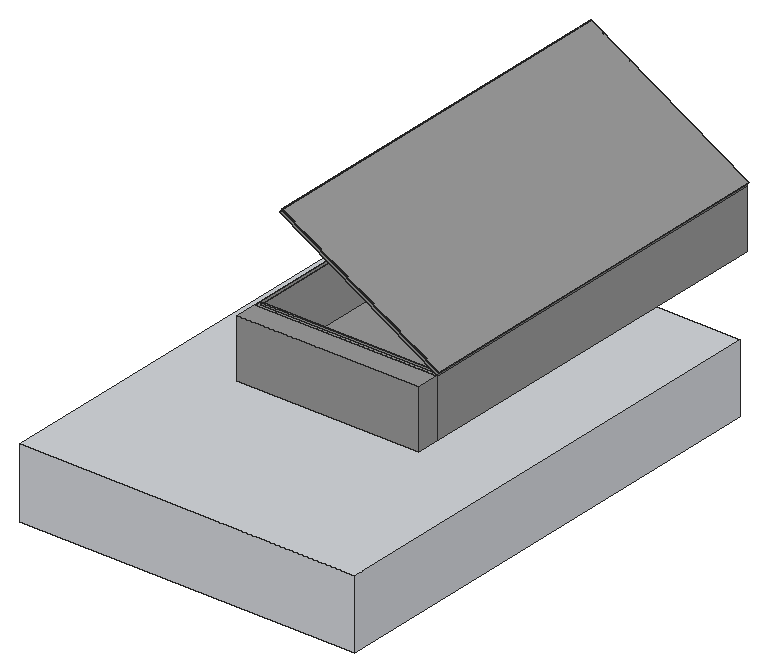
Revit family "Hager-Univers-IP55-D275-H1800-Cl.I-Steel_encl-PT-pt", category Equipement électrique, Revit 2020
Family settings
  Hôte = Face
  Configuration du panneau = Deux colonnes, circuits au sein
  Cote de connecteur circulaire = Utiliser le diamètre
  Type d'élément = Tableau de raccordement
  Couper avec des vides une fois chargée = Non
  Partagée = Non
  Point de calcul de pièce = Non
Parameters (values of type "Instalação de piso IP55 L800 A1800 P275  - FR13E1")
  Width Control [instance] = if([EF000008 - Largura] > Min Width, [EF000008 - Largura], Min Width)  # 800 mm
  Commentaires du type = [HG000003 - Gama]  # "Univers"
  Thickness Door [instance] = if([EF009171 - Espessura do material da porta/tampa] > 3 mm, 3 mm, [EF009171 - Espessura do material da porta/tampa])  # 1.5 mm
  Seal Frame Offset [instance] = 17 mm  # constant formula
  Plinth Visibility [instance] = [HG000027 - Altura da Plinta] > 0 mm  # yes
  Model = ""
  Min Width [instance] = 100 mm  # constant formula
  Min Height [instance] = 100 mm  # constant formula
  Min Depth [instance] = (2 * [EF009170 - Espessura do material do invólucro]) + 1 mm  # 4 mm
  Internal Frame Depth [instance] = (Door System Depth * 0.5)  # 9 mm
  Height Control [instance] = if([EF000040 - Altura] > Min Height, [EF000040 - Altura], Min Height)  # 1800 mm
  HG000027 - Altura da Plinta = 100 mm
  HG000026 - Instalação no chão = yes
  HG000024 - Altura da secção inferior = 800 mm
  HG000023 - Recinto de secção dupla = no
  HG000016 - Visibilidade da porta 3D [instance] = yes
  HG000015 - Visibilidade através da porta [instance] = no
  HG000014 - Porta à direita [instance] = yes
  HG000013 - Porta à esquerda [instance] = not([HG000014 - Porta à direita])  # no
  HG000012 - Ângulo de abertura de porta [instance] = 30.00°
  HG000010 - Portas assimétricas = no
  HG000009 - Porta dupla = no
  HG000006 - Encastrado = no
  HG000004 - Referência do Fabricante = "FR13E1"
  HG000003 - Gama = "Univers"
  HG000002 - Com porta ou tampa = yes
  Frame Offset Bottom [instance] = 10 mm  # constant formula
  Frame Offset [instance] = 15 mm  # constant formula
  EF015940 - Tampa com libertação de sobrepressão = no
  EF011959 - Grau de proteção (NEMA) = ""
  EF009554 - Número de aberturas para placas de flange = 6
  Fabricant = "Hager"  # constant formula
  EF009212 - Tipo de tampa = "EV000116 - Fechado"
  EF009171 - Espessura do material da porta/tampa = 1.5 mm
  EF009170 - Espessura do material do invólucro = 1.5 mm
  EF008873 - Corrente nominal (In) = 800 A
  EF007800 - Adequado para proteção contra raios = no
  EF006306 - Com fecho = no
  EF006244 - Tampa/porta transparente = no
  EF005474 - Grau de proteção (IP) = "EV006420 - IP55"
  EF004464 - Tipo de porta = "EV002646 - Único"
  EF004427 - Número de módulos = 396
  EF004293 - Força de impacto = "EV008784 - IK10"
  EF003532 - Adequado para uso no exterior = no
  EF002950 - Largura em número de módulos = 24
  EF001613 - Integridade do circuito = "EV000494 - Nenhum"
  EF001596 - Material do corpo = "EV000179 - Aço"
  EF001131 - Profundidade interior = 275 mm
  EF001088 - Extensão possível = yes
  EF000437 - Número de entradas de condutores = 6
  EF000339 - Tipo de difusor = "EV004216 - Porta"
  EF000266 - Número de linhas = 11
  EF000218 - Profundidade incorporada = 0 mm
  EF000118 - Com tampa de montagem = no
  EF000116 - Número RAL = "7035"
  EF000049 - Profundidade = 275 mm
  EF000040 - Altura = 1800 mm
  EF000008 - Largura = 800 mm
  EF000007 - Cor = "EV000270 - Cinzento"
  EF000003 - Método de montagem = "EV012274 - Instalação de piso"
  Door System Leaf Tolerance [instance] = 1.5 mm  # constant formula
  Door System Depth [instance] = 18 mm  # constant formula
  Door Height [instance] = Height Control - [HG000027 - Altura da Plinta]  # 1700 mm
  Depth Control [instance] = if([EF000049 - Profundidade] > Min Depth, [EF000049 - Profundidade], Min Depth)  # 275 mm
  Default Elevation = 0 mm
  Connector Offset [instance] = Height Control / 2  # 900 mm
  Bottom Top Plate Trim [instance] = 1.5 mm  # constant formula
  Plinth height Ctrl [instance] = if([HG000027 - Altura da Plinta] > 0 mm, [HG000027 - Altura da Plinta], 12 mm)  # 100 mm
Types (3, lengths in mm): name | Width Control | HG000010 - Portas assimétricas | HG000009 - Porta dupla | HG000004 - Referência do Fabricante | EF009554 - Número de aberturas para placas de flange | EF004464 - Tipo de porta | EF004427 - Número de módulos | EF000437 - Número de entradas de condutores | EF000008 - Largura
  Instalação de piso IP55 L1050 A1800 P275  - FR14E1 | 1050 | yes | yes | "FR14E1" | 8 | "EV003602 - Duplo" | 528 | 8 | 1050
  Instalação de piso IP55 L1300 A1800 P275  - FR15E1 | 1300 | yes | yes | "FR15E1" | 10 | "EV003602 - Duplo" | 660 | 10 | 1300
  Instalação de piso IP55 L800 A1800 P275  - FR13E1 | 800 | no | no | "FR13E1" | 6 | "EV002646 - Único" | 396 | 6 | 800
Reference planes
  plane 1 "Center (Front/Back)": y = 0
  plane 2: z = 0
  plane 3 "Center (Left/Right)": x = 0
  plane 4: z = 275
  plane 5: y = 101.5
  plane 6: y = 950
  plane 7: y = 100
  plane 8: y = 1800
  plane 9: z = 0
  plane 10: x = -385
  plane 11: x = 385
  plane 12: x = 383.5
  plane 13: x = -383.5
  plane 14: y = 1798.5
  plane 15: x = -383
  plane 16: x = -400
  plane 17: x = 383
  plane 18: x = 400
  plane 19: x = 398.5
  plane 20: x = -398.5
  plane 21: y = 111.5
  plane 22: y = 1800
  plane 23: y = 1783.5
  plane 24: z = 257
  plane 25: z = 1.5
  plane 26: z = 255.5
  plane 27: z = 273.5
Forms (mm)
  Extrusion 1, solid
    sketch origin (0, 0, 0) x (1, 0, 0) y (0, 1, 0)
      loop
        line (-702.964, 1305) -> (-702.964, -811.445) -> (766.763, -811.445) -> (766.763, 1305) -> (-702.964, 1305)
    from 0 to -304.8
  Extrusion 2, solid, material "Hager_Steel_RAL7035_Light_Grey", visible <- "Plinth Visibility", detail levels medium+fine
    sketch origin (0, 0, 0) x (1, 0, 0) y (0, 1, 0)
      loop
        line (-400, 0) -> (400, 0) -> (400, 100) -> (-400, 100) -> (-400, 0)
    from 0 to 257
  Extrusion 3, solid, material "Hager_Steel_RAL7035_Light_Grey", detail levels medium+fine
    sketch origin (0, 0, 0) x (1, 0, 0) y (0, 1, 0)
      loop
        line (-400, 100) -> (400, 100) -> (400, 1800) -> (-400, 1800) -> (-400, 100)
    from 0 to 257
  Extrusion 4, void
    sketch origin (0, 0, 0) x (1, 0, 0) y (0, 1, 0)
      loop
        line (-398.5, 101.5) -> (398.5, 101.5) -> (398.5, 1798.5) -> (-398.5, 1798.5) -> (-398.5, 101.5)
    from 1.5 to 255.5
  Extrusion 5, void
    sketch origin (-381.607, -4572, 257) x (0, -1, 0) y (-1, 0, 0)
      loop
        line (-4683.5, 1.893) -> (-6355.5, 1.893) -> (-6355.5, -765.107) -> (-4683.5, -765.107) -> (-4683.5, 1.893)
    from 0 to 1.5 <- "EF009170 - Espessura do material do invólucro"
  Extrusion 6, solid, material "Hager_Steel_RAL7035_Light_Grey", detail levels fine
    sketch origin (0, 0, 257) x (1, 0, 0) y (0, 1, 0)
      loop
        line (-383.5, 1783.5) -> (-383.5, 111.5) -> (383.5, 111.5) -> (383.5, 1783.5) -> (-383.5, 1783.5)
      loop
        line (-385, 110) -> (385, 110) -> (385, 1785) -> (-385, 1785) -> (-385, 110)
    from 0 to 9 <- "Internal Frame Depth"
  Extrusion 7, solid, material "Hager_Steel_RAL7035_Light_Grey", detail levels coarse
    sketch origin (0, 0, 0) x (1, 0, 0) y (0, 1, 0)
      loop
        line (-400, 0) -> (400, 0) -> (400, 1800) -> (-400, 1800) -> (-400, 0)
    from 0 to 275
  Sweep 8, void
    path in 3D
      loop
        line (-400, 100, 0) -> (400, 100, 0) -> (400, 100, 257) -> (-400, 100, 257) -> (-400, 100, 0)
    profile origin (-400, 100, 128.5) x (-1, 0, 0) y (0, -1, 0)
      loop
        line (0, 0) -> (0, 1.5) -> (-1.5, 1.5)
        arc (-1.5, 1.5) -> (-1.061, 0.439) -> (0, 0) r 1.5
Cuts and joins
  Extrusion 4, Extrusion 5 cuts Extrusion 3
  Sweep 8 cuts Extrusion 2
Lines and regions (mm)
  Masking region 1
    outline origin (0, 0, 0) x (1, 0, 0) y (0, 0, 1)
      loop
        line (-400, 275) -> (-400, 0) -> (400, 0) -> (400, 275) -> (-400, 275)
  Masking region 2, detail levels medium+fine
    outline origin (0, 140, 0) x (0, 1, 0) y (0, 0, 1)
      loop
        line (-40, 0) -> (1660, 0) -> (1660, 257) -> (-40, 257) -> (-40, 0)
  Masking region 3, not visible, detail levels medium+fine
    outline origin (0, 297.922, 0) x (0, 1, 0) y (0, 0, 1)
      loop
        line (663.578, 0) -> (703.578, 0) -> (703.578, 263.5)
        arc (703.578, 263.5) -> (700.649, 270.571) -> (693.578, 273.5) r 10
        line (693.578, 273.5) -> (663.578, 273.5) -> (663.578, 0)
  Masking region 4, detail levels coarse
    outline origin (0, 0, 180) x (0, 1, 0) y (0, 0, 1)
      loop
        line (0, -180) -> (1800, -180) -> (1800, 95) -> (0, 95) -> (0, -180)
  Masking region 5, visible <- "Plinth Visibility", detail levels medium+fine
    outline origin (0, 52.24, 12.345) x (0, 0, -1) y (0, 1, 0)
      loop
        line (10.845, 47.76) -> (-243.155, 47.76)
        arc (-243.155, 47.76) -> (-243.594, 46.699) -> (-244.655, 46.26) r 1.5
        line (-244.655, 46.26) -> (-244.655, -52.24) -> (12.345, -52.24) -> (12.345, 46.26)
        arc (12.345, 46.26) -> (11.285, 46.699) -> (10.845, 47.76) r 1.5
  Masking region 6, detail levels medium+fine
    outline origin (-381.607, -4572, 257) x (-1, 0, 0) y (0, -1, 0)
      loop
        line (18.393, -6372) -> (18.393, -4672) -> (-781.607, -4672) -> (-781.607, -6372) -> (18.393, -6372)
  Masking region 7, visible <- "Plinth Visibility", detail levels medium+fine
    outline origin (-381.607, -4727, 257) x (-1, 0, 0) y (0, -1, 0)
      loop
        arc (16.893, -4827) -> (17.332, -4825.939) -> (18.393, -4825.5) r 1.5
        line (18.393, -4825.5) -> (18.393, -4727) -> (-781.607, -4727) -> (-781.607, -4825.5)
        arc (-781.607, -4825.5) -> (-780.546, -4825.939) -> (-780.107, -4827) r 1.5
        line (-780.107, -4827) -> (16.893, -4827)
  Masking region 8, detail levels coarse
    outline origin (-442.548, -4669.526, 257) x (-1, 0, 0) y (0, -1, 0)
      loop
        line (-42.548, -6469.526) -> (-42.548, -4669.526) -> (-842.548, -4669.526) -> (-842.548, -6469.526) -> (-42.548, -6469.526)
  sketch lines
    curve 1: line (-400, 100, 257) -> (-400, 100, 0)
    curve 2: line (400, 100, 257) -> (-400, 100, 257)
    curve 3: line (400, 100, 257) -> (400, 100, 0)
    curve 4: line (-400, 100, 0) -> (400, 100, 0)
Dimensions and locks
  "Depth Control": plane 4 to Extrusion 1
  "HG000027 - Altura da Plinta": plane 1 "Center (Front/Back)" to plane 7
  "EF009170 - Espessura do material do invólucro": plane 5 to plane 7
  locked: connector elem to plane 3 "Center (Left/Right)"
  equal spacing: plane 8, plane 6, plane 7
  locked: connector elem to plane 6
  "EF009170 - Espessura do material do invólucro": plane 8 to plane 14
  "EF009170 - Espessura do material do invólucro": plane 10 to plane 13
  "EF009170 - Espessura do material do invólucro": plane 12 to plane 11
  "Frame Offset": plane 20 to plane 13
  "Frame Offset": plane 12 to plane 19
  "EF009170 - Espessura do material do invólucro": plane 16 to plane 20
  "EF009170 - Espessura do material do invólucro": plane 19 to plane 18
  "Seal Frame Offset": plane 16 to plane 15
  "Seal Frame Offset": plane 17 to plane 18
  "Frame Offset Bottom": plane 21 to plane 5
  "Frame Offset": plane 14 to plane 23
  equal spacing: plane 16, plane 3 "Center (Left/Right)", plane 18
  "Width Control": plane 16 to plane 18
  "EF009170 - Espessura do material do invólucro": plane 4 to plane 27
  "EF009170 - Espessura do material do invólucro": plane 24 to plane 26
  "EF009170 - Espessura do material do invólucro": plane 25 to level
  "Door System Depth": plane 4 to plane 24
  "Height Control": plane 1 "Center (Front/Back)" to Extrusion 7 sketch curve
  "Height Control": Masking region 4 sketch curve to plane 1 "Center (Front/Back)"
  "Height Control": plane 1 "Center (Front/Back)" to plane 22
  "Bottom Top Plate Trim": profile plane to Sweep 8 sketch curve
  "Bottom Top Plate Trim": Sweep 8 sketch curve to profile plane
  "Plinth height Ctrl": plane 1 "Center (Front/Back)" to Extrusion 2 sketch curve
  "Plinth height Ctrl": Masking region 5 sketch curve to plane 1 "Center (Front/Back)"
  "Plinth height Ctrl": plane 1 "Center (Front/Back)" to Masking region 7 sketch curve
  "Thickness Door": Extrusion 6 sketch curve to Extrusion 6 sketch curve  (x3)
  "Thickness Door": cut or joined group of Extrusion 3, Extrusion 4, Extrusion 5 to Extrusion 6 sketch curve
  radius of Masking region 3 sketch curve = 10 mm
  "Bottom Top Plate Trim": radius of Masking region 5 sketch curve  (x2)
  "Bottom Top Plate Trim": radius of Sweep 8 sketch curve
  "Bottom Top Plate Trim": radius of Masking region 7 sketch curve  (x2)
  aligned and locked: plane 2 to Extrusion 1
  aligned and locked: level to Extrusion 1
  aligned and locked: level to Masking region 1 sketch curve
  aligned and locked: Masking region 1 sketch curve to plane 18
  aligned and locked: Masking region 1 sketch curve to plane 16
  aligned and locked: plane 7 to Masking region 2 sketch curve
  aligned and locked: level to Masking region 3 sketch curve
  aligned and locked: Masking region 3 sketch curve to plane 27
  aligned and locked: level to Masking region 2 sketch curve
  aligned and locked: plane 1 "Center (Front/Back)" to Extrusion 2 sketch curve
  aligned and locked: Extrusion 3 sketch curve to plane 7
  aligned and locked: plane 16 to Extrusion 3 sketch curve
  aligned and locked: plane 18 to Extrusion 3 sketch curve
  aligned and locked: plane 20 to Extrusion 4 sketch curve
  aligned and locked: plane 19 to Extrusion 4 sketch curve
  aligned and locked: Extrusion 4 sketch curve to plane 5
  aligned and locked: Extrusion 4 to plane 25
  aligned and locked: plane 26 to Extrusion 4
  aligned and locked: plane 24 to Extrusion 3
  aligned and locked: Extrusion 5 sketch curve to plane 21
  aligned and locked: Extrusion 5 sketch curve to plane 13
  aligned and locked: Extrusion 5 sketch curve to plane 12
  aligned and locked: plane 18 to Extrusion 7 sketch curve
  aligned and locked: plane 1 "Center (Front/Back)" to Extrusion 7 sketch curve
  aligned and locked: plane 16 to Extrusion 7 sketch curve
  aligned and locked: plane 4 to Extrusion 7
  aligned and locked: Extrusion 7 to level
  aligned and locked: level to Masking region 4 sketch curve
  aligned and locked: Masking region 4 sketch curve to plane 1 "Center (Front/Back)"
  aligned and locked: Masking region 4 sketch curve to plane 4
  aligned and locked: nested 1 to level
  aligned and locked: nested 1 to plane 16
  aligned and locked: plane 8 to Extrusion 3 sketch curve
  aligned and locked: plane 23 to Extrusion 5 sketch curve
  aligned and locked: plane 14 to Extrusion 4 sketch curve
  aligned and locked: Masking region 2 sketch curve to plane 8
  aligned and locked: level to Masking region 5 sketch curve
  aligned and locked: plane 16 to Extrusion 2 sketch curve
  aligned and locked: plane 18 to Extrusion 2 sketch curve
  aligned and locked: Masking region 5 sketch curve to plane 24
  aligned and locked: Masking region 2 sketch curve to plane 24
  aligned and locked: plane 24 to Extrusion 2
  aligned and locked: profile plane to Sweep 8 sketch curve  (x2)
  aligned and locked: Masking region 6 sketch curve to plane 18
  aligned and locked: Masking region 6 sketch curve to plane 22
  aligned and locked: Masking region 6 sketch curve to plane 16
  aligned and locked: plane 8 to plane 22
  aligned and locked: Masking region 6 sketch curve to plane 7
  aligned and locked: Masking region 7 sketch curve to plane 16
  aligned and locked: Masking region 7 sketch curve to plane 1 "Center (Front/Back)"
  aligned and locked: Masking region 7 sketch curve to plane 18
  aligned and locked: Masking region 8 sketch curve to plane 1 "Center (Front/Back)"
  aligned and locked: Masking region 8 sketch curve to plane 18
  aligned and locked: Masking region 8 sketch curve to plane 22
  aligned and locked: Masking region 8 sketch curve to plane 16
  aligned and locked: nested 2 to plane 7
  aligned and locked: plane 3 "Center (Left/Right)" to nested 2
  aligned and locked: nested 2 to plane 24
  aligned and locked: Extrusion 6 sketch curve to cut or joined group of Extrusion 3, Extrusion 4, Extrusion 5  (x4)
Automatic sketch dimensions
  Extrusion 1 sketch curve to Extrusion 1 sketch curve = 1469.727 mm
  Extrusion 1 sketch curve to Extrusion 1 sketch curve = 2116.445 mm
  Masking region 1 sketch curve to plane 4 = 0 mm
  plane 6 to Masking region 3 sketch curve = 11.5 mm
  Masking region 3 sketch curve to Masking region 3 sketch curve = 30 mm
  Masking region 5 sketch curve to plane 1 "Center (Front/Back)" = 0 mm
Nested families
  nested 1: "Hager_Enclosure_Symbol" at (-400, 0, 0) x (1, 0, 0) z (0, -1, 0), Height <- "Depth Control", Width <- "Width Control", type "Hager_Enclosure_Symbol"
    with Width_Ctrl 800 mm, Width 800 mm, Height_Ctrl 275 mm, Height 275 mm, A_Width_Int 18.047 mm, A_Width 216.562 mm, A_Height_Ctrl 240.625 mm, A_Height 240.625 mm
  nested 2: "EC000058_Univers_Door" at (0, 100, 257) x (1, 0, 0) z (0, 1, 0), Leaf_Tolerance <- "Door System Leaf Tolerance", Angle <- "HG000012 - Ângulo de abertura de porta", Door_Depth <- "Door System Depth", Door_Left <- "HG000013 - Porta à esquerda", Transparent <- "EF006244 - Tampa/porta transparente", Assymetrical <- "HG000010 - Portas assimétricas", Width <- "Width Control", Clearance <- "HG000015 - Visibilidade através da porta", Double <- "HG000009 - Porta dupla", 3d_Door <- "HG000016 - Visibilidade da porta 3D", Lock_Visibility <- "EF006306 - Com fecho", Width_Ctrl <- "Width Control", Door_Right <- "HG000014 - Porta à direita", Door <- "HG000002 - Com porta ou tampa", Height <- "Door Height", Thickness <- "Thickness Door", type "EC000058_Univers_Door", detail levels medium+fine
    with min_wh 4 mm, Width_Ctrl 800 mm, Width 800 mm, Transparent no, Thickness 1.5 mm, Seal_Material Hager_Rubber, Lock_Visibility no, Lock_Material Hager_Plastic_RAL9005_Jet_Black, Leaf_Width 800 mm, Leaf_Tolerance_External_Sides 0 mm, Leaf_Tolerance 1.5 mm, Leaf_Offset 0 mm, Leaf_Height 1697 mm, Leaf_2_Width 800 mm, Leaf_2_Offset 400 mm, Leaf_1_Width 800 mm, Leaf_1_Offset 400 mm, Height_Ctrl 1700 mm, Height 1700 mm, Glass_Material Hager_Glass, Double_Clearance_Ctrl no, Double no, Door_Right_Ctrl yes, Door_Right yes, Door_Material Hager_Steel_RAL7035_Light_Grey, Door_Left_Ctrl no, Door_Left no, Door_Depth 18 mm, Door yes, Clearance_Material Hager_Clearance, Clearance_Depth 800 mm, Clearance_Ctrl no, Clearance no, Assymetrical no, Angle 30.00°, 3d_Door yes
Connectors
  electrical at (0, 950, 0)
    settings: on plane 9, index 1, voltage 0 V, apparent load 0 VA, apparent load phase1 0 VA, apparent load phase2 0 VA, apparent load phase3 0 VA, power factor 1, load classification "Other", number of poles 1, system type 30, power factor state 1, is connector primary yes, connector utility no, sub classification motor no, connector description ""
Definition of nested family "EC000058_Univers_Door"
  Parameters (values of type "EC000058_Univers_Door")
    min_wh [instance] = (2 * Thickness) + 1 mm  # 11 mm
    Width_Ctrl [instance] = 400 mm
    Width [instance] = 500 mm
    Transparent [instance] = yes
    Thickness [instance] = 5 mm
    Seal_Material [instance] = none
    Lock_Visibility [instance] = yes
    Lock_Material [instance] = none
    Leaf_Width [instance] = if((Width_Ctrl - 2 * Leaf_Tolerance_External_Sides) > 0 mm, (Width_Ctrl - 2 * Leaf_Tolerance_External_Sides), min_wh)  # 400 mm
    Leaf_Tolerance_External_Sides [instance] = 0 mm  # constant formula
    Leaf_Tolerance [instance] = 1.5 mm
    Leaf_Offset [instance] = 0 mm  # constant formula
    Leaf_Height [instance] = if((Height_Ctrl - 2 * Leaf_Tolerance) > 0 mm, (Height_Ctrl - 2 * Leaf_Tolerance), min_wh)  # 497 mm
    Leaf_2_Width [instance] = if(and(and(Double, Assymetrical), Door_Left), (Leaf_Width / 3) - (Leaf_Tolerance / 2), if(and(and(Double, Assymetrical), Door_Right), (Leaf_Width / 3) * 2 - (Leaf_Tolerance / 2), if(and(Double, not(Assymetrical)), (Leaf_Width / 2) - Leaf_Tolerance, Leaf_Width)))  # 400 mm
    Leaf_2_Offset [instance] = if(and(Double, Assymetrical), Leaf_2_Width / 2, if(and(Double, not(Assymetrical)), Leaf_Width / 4, Leaf_Width / 2))  # 200 mm
    Leaf_1_Width [instance] = if(and(and(Double, Assymetrical), Door_Right), (Leaf_Width / 3) - (Leaf_Tolerance / 2), if(and(and(Double, Assymetrical), Door_Left), (Width / 3) * 2 - (Leaf_Tolerance / 2), if(and(Double, not(Assymetrical)), (Leaf_Width / 2) - Leaf_Tolerance, Leaf_Width)))  # 400 mm
    Leaf_1_Offset [instance] = if(and(Double, Assymetrical), Leaf_1_Width / 2, if(and(Double, not(Assymetrical)), Leaf_Width / 4, Leaf_Width / 2))  # 200 mm
    Height_Ctrl [instance] = if(Height > min_wh, Height, min_wh)  # 500 mm
    Height [instance] = 500 mm
    Glass_Material [instance] = none
    Double_Clearance_Ctrl [instance] = and(Double, Clearance)  # no
    Double [instance] = no
    Door_Right_Ctrl [instance] = and(or(Door_Right, Double), Door)  # yes
    Door_Right [instance] = yes
    Door_Material [instance] = none
    Door_Left_Ctrl [instance] = and(or(Door_Left, Double), Door)  # no
    Door_Left [instance] = no
    Door_Depth [instance] = 30 mm
    Door [instance] = yes
    Default Elevation = 1219.2 mm
    Clearance_Material [instance] = none
    Clearance_Depth [instance] = if(Leaf_1_Width > Leaf_2_Width, Leaf_1_Width, Leaf_2_Width)  # 400 mm
    Clearance_Ctrl [instance] = and(not(Double), Clearance)  # yes
    Clearance [instance] = yes
    Assymetrical [instance] = yes
    Angle [instance] = 30.00°
    3d_Door [instance] = yes
  Reference planes
    plane 1 "Center (Front/Back)": y = 0
    plane 2 "Bottom": z = 0
    plane 3 "Center (Left/Right)": x = 0
    plane 4: z = 500
    plane 5: x = -200
    plane 6: x = 200
    plane 7: z = 500
    plane 8: x = -200
    plane 9: z = 0
    plane 10: x = 200
    plane 11: y = 0
    plane 12: z = 1.5
    plane 13: x = -600
    plane 14: y = -400
    plane 15: x = 600
    plane 16: x = 0
    plane 17: x = 0
    plane 18: x = -200
    plane 19: x = 200
    plane 20: z = 498.5
  Forms (mm)
    Extrusion 1, solid, material <- "Clearance_Material", visible <- "Double_Clearance_Ctrl"
      sketch origin (1200, 0, 0) x (1, 0, 0) y (0, 0, -1)
        loop
          line (-1800, -498.5) -> (-600, -498.5) -> (-600, 0) -> (-1800, 0) -> (-1800, -498.5)
      from 0 to -400
  Dimensions and locks
    equal spacing: plane 5, plane 3 "Center (Left/Right)", plane 6
    "Width_Ctrl": plane 5 to plane 6
    "Leaf_Offset": plane 5 to plane 8
    "Leaf_Offset": plane 6 to plane 10
    "Leaf_Offset": plane 9 to level
    "Leaf_Offset": plane 4 to plane 7
    "Height_Ctrl": plane 4 to level
    "Leaf_Tolerance": plane 12 to plane 9
    locked: plane 11 to plane 1 "Center (Front/Back)"
    "Leaf_1_Offset": plane 18 to plane 16
    "Leaf_2_Offset": plane 17 to plane 19
    "Leaf_1_Width": plane 13 to plane 8
    "Leaf_2_Width": plane 10 to plane 15
    "Clearance_Depth": plane 14 to plane 1 "Center (Front/Back)"
    "Leaf_Tolerance_External_Sides": plane 8 to plane 18
    "Leaf_Tolerance_External_Sides": plane 19 to plane 10
    "Leaf_Tolerance": plane 7 to plane 20
    aligned and locked: level to plane 2 "Bottom"
    aligned and locked: nested 1 to plane 16
    aligned and locked: nested 2 to plane 17
    aligned and locked: Extrusion 1 to plane 13
    aligned and locked: plane 15 to Extrusion 1
    aligned and locked: Extrusion 1 to plane 14
    aligned and locked: plane 12 to nested 1
    aligned and locked: nested 2 to plane 12
    aligned and locked: Extrusion 1 to plane 11
    aligned and locked: plane 20 to Extrusion 1
    aligned and locked: nested 2 to plane 11
    aligned and locked: nested 1 to plane 11
  Automatic sketch dimensions
    Extrusion 1 sketch curve to level = 0 mm
    plane 5 to Extrusion 1 sketch curve = 400 mm
    plane 6 to Extrusion 1 sketch curve = 400 mm
    Extrusion 1 sketch curve to plane 4 = 1.5 mm
  Nested families
    nested 1: "EC000058_Univers_Door_Leaf" at (0, 0, 1.5), Width <- "Leaf_1_Width", visible <- "Door_Left_Ctrl", Leaf_Height <- "Leaf_Height", Angle <- "Angle", 3d_Door <- "3d_Door", Transparent <- "Transparent", Clearance Material <- "Clearance_Material", Clearance <- "Clearance_Ctrl", Door_Material <- "Door_Material", Glass_Material <- "Glass_Material", Door_Depth <- "Door_Depth", Lock_Material <- "Lock_Material", Seal_Material <- "Seal_Material", Lock_Visibility <- "Lock_Visibility", Thickness <- "Thickness", type "EC000058_Univers_Door_Leaf"
      with Width 400 mm, Transparent_Glass_Offset 30 mm, Transparent_Ctrl yes, Transparent yes, Thickness 5 mm, Standard no, Seal_Material none, Seal_D2 8 mm, Seal_D1 1 mm, Offset_Internal_Frame 10 mm, Lock_Width 20 mm, Lock_Visibility_3d yes, Lock_Visibility yes, Lock_Thickness_3 3 mm, Lock_Thickness_2 1 mm, Lock_Thickness_1 3 mm, Lock_Radius_Offset_2 16 mm, Lock_Radius_Offset_1 15 mm, Lock_Radius_2 5 mm, Lock_Radius 6 mm, Lock_Offset 5 mm, Lock_Material none, Lock_Height 80 mm, Lock_Cover_Top_Offset_2d 17 mm, Lock_Cover_Height -65 mm, Leaf_Height 497 mm, Internal_Seal_Thickness 8 mm, Internal_Seal_Depth_2 4.5 mm, Internal_Frame_Depth 25 mm, Glass_Thickness -1 mm, Glass_Offset -2 mm, Glass_Material none, Door_Material none, Door_Depth 30 mm, Clearance Material none, Clearance yes, Angle_Ctrl 30.00°, Angle 30.00°, 3d_Door yes
    nested 2: "EC000058_Univers_Door_Leaf" at (0, 0, 1.5) x (-1, 0, 0) z (0, 0, 1), Width <- "Leaf_2_Width", visible <- "Door_Right_Ctrl", Leaf_Height <- "Leaf_Height", Angle <- "Angle", 3d_Door <- "3d_Door", Transparent <- "Transparent", Clearance Material <- "Clearance_Material", Clearance <- "Clearance_Ctrl", Door_Material <- "Door_Material", Glass_Material <- "Glass_Material", Door_Depth <- "Door_Depth", Lock_Material <- "Lock_Material", Seal_Material <- "Seal_Material", Lock_Visibility <- "Lock_Visibility", Thickness <- "Thickness", type "EC000058_Univers_Door_Leaf"
      with Width 400 mm, Transparent_Glass_Offset 30 mm, Transparent_Ctrl yes, Transparent yes, Thickness 5 mm, Standard no, Seal_Material none, Seal_D2 8 mm, Seal_D1 1 mm, Offset_Internal_Frame 10 mm, Lock_Width 20 mm, Lock_Visibility_3d yes, Lock_Visibility yes, Lock_Thickness_3 3 mm, Lock_Thickness_2 1 mm, Lock_Thickness_1 3 mm, Lock_Radius_Offset_2 16 mm, Lock_Radius_Offset_1 15 mm, Lock_Radius_2 5 mm, Lock_Radius 6 mm, Lock_Offset 5 mm, Lock_Material none, Lock_Height 80 mm, Lock_Cover_Top_Offset_2d 17 mm, Lock_Cover_Height -65 mm, Leaf_Height 497 mm, Internal_Seal_Thickness 8 mm, Internal_Seal_Depth_2 4.5 mm, Internal_Frame_Depth 25 mm, Glass_Thickness -1 mm, Glass_Offset -2 mm, Glass_Material none, Door_Material none, Door_Depth 30 mm, Clearance Material none, Clearance yes, Angle_Ctrl 30.00°, Angle 30.00°, 3d_Door yes
  Definition of nested family "EC000058_Univers_Door_Leaf"
    Parameters (values of type "EC000058_Univers_Door_Leaf")
      Width [instance] = 2000 mm
      Transparent_Glass_Offset [instance] = 30 mm
      Transparent_Ctrl [instance] = and(Transparent, [3d_Door])  # yes
      Transparent [instance] = yes
      Thickness [instance] = 5 mm
      Standard [instance] = and(not(Transparent), [3d_Door])  # no
      Seal_Material [instance] = none
      Seal_D2 [instance] = 8 mm  # constant formula
      Seal_D1 [instance] = 1 mm  # constant formula
      Offset_Internal_Frame [instance] = 10 mm  # constant formula
      Lock_Width [instance] = 20 mm  # constant formula
      Lock_Visibility_3d [instance] = and(Lock_Visibility, [3d_Door])  # yes
      Lock_Visibility [instance] = yes
      Lock_Thickness_3 [instance] = 3 mm  # constant formula
      Lock_Thickness_2 [instance] = 1 mm  # constant formula
      Lock_Thickness_1 [instance] = 3 mm  # constant formula
      Lock_Radius_Offset_2 [instance] = Lock_Radius_Offset_1 + 1 mm  # 16 mm
      Lock_Radius_Offset_1 [instance] = 15 mm  # constant formula
      Lock_Radius_2 [instance] = Lock_Radius - 1 mm  # 5 mm
      Lock_Radius [instance] = 6 mm  # constant formula
      Lock_Offset [instance] = 5 mm  # constant formula
      Lock_Material [instance] = none
      Lock_Height [instance] = 80 mm  # constant formula
      Lock_Cover_Top_Offset_2d [instance] = Lock_Radius_Offset_2 + 1 mm  # 17 mm
      Lock_Cover_Height [instance] = -(Lock_Height - Lock_Radius_Offset_1)  # -65 mm
      Leaf_Height [instance] = 2720.336 mm
      Internal_Seal_Thickness [instance] = 8 mm  # constant formula
      Internal_Seal_Depth_2 [instance] = 4.5 mm  # constant formula
      Internal_Frame_Depth [instance] = if(Door_Depth - Thickness > 5 mm, Door_Depth - Thickness, 5 mm)  # 25 mm
      Glass_Thickness [instance] = if(Thickness > 15 mm, Glass_Offset + 10 mm, -1 mm)  # -1 mm
      Glass_Offset [instance] = if(Thickness > 15 mm, -(Thickness + 10 mm) / 2, -2 mm)  # -2 mm
      Glass_Material [instance] = none
      Door_Material [instance] = none
      Door_Depth [instance] = 30 mm
      Default Elevation = 0 mm
      Clearance Material [instance] = none
      Clearance [instance] = yes
      Angle_Ctrl [instance] = if(Angle > 180.00°, 180.00°, Angle)  # 90.00°
      Angle [instance] = 90.00°
      3d_Door [instance] = yes
    Reference planes
      plane 1 "Center (Front/Back)": y = 0
      plane 2: z = 0
      plane 3 "Center (Left/Right)": x = 0
      plane 4: y = 2000
      plane 5: x = -1000
      plane 6: x = 1000
      plane 7: x = -3000
      plane 8: z = 2720.336
      plane 9: z = 30
      plane 10: z = 2690.336
      plane 11: x = 970
      plane 12: x = -970
      plane 13: y = -3
      plane 14: z = 107.833
      plane 15: y = -5
      plane 16: y = -223.314
      plane 17: x = -1000
      plane 18: z = 1360.168
      plane 19: y = 30
    Forms (mm)
      Extrusion 1, solid, material <- "Clearance Material", visible <- "Clearance"
        sketch origin (0, 0, 0) x (1, 0, 0) y (0, 0, 1)
          loop
            line (-3000, 2720.336) -> (-3000, 0) -> (1000, 0) -> (1000, 2720.336) -> (-3000, 2720.336)
        from 0 to -2000
      Extrusion 2, solid, material <- "Door_Material", visible <- "Standard", detail levels medium+fine
        sketch origin (-1000, 0, 0) x (0, 1, 0) y (-1, 0, 0)
          loop
            line (0, 30) -> (0, 25) -> (2000, 25) -> (2000, 30) -> (0, 30)
        from 0 to 2720.336 <- "Leaf_Height"
      Extrusion 3, solid, material <- "Door_Material", visible <- "Transparent_Ctrl", detail levels medium+fine
        sketch origin (-1000, 0, 0) x (0, 1, 0) y (-1, 0, 0)
          loop
            line (0, 25) -> (2000, 25) -> (2000, 30) -> (0, 30) -> (0, 25)
        from 0 to 2720.336 <- "Leaf_Height"
      Extrusion 4, void
        sketch origin (-1025, 2000, 0) x (0, 1, 0) y (0, 0, -1)
          loop
            line (-30, -2690.336) -> (-30, -30) -> (-1970, -30) -> (-1970, -2690.336) -> (-30, -2690.336)
        from 0 to 5 <- "Thickness"
      Sweep 5, solid, material <- "Seal_Material", visible <- "Transparent_Ctrl", detail levels fine
        path in 3D
          loop
            line (-1025, 30, 30) -> (-1025, 30, 2690.336) -> (-1025, 1970, 2690.336) -> (-1025, 1970, 30) -> (-1025, 30, 30)
        profile origin (-1025, 1000, 30) x (1, 0, 0) y (0, 0, 1)
          loop
            line (0, 0) -> (0, -8) -> (1, -8) -> (1, 0) -> (0, 0)
      Extrusion 6, solid, material <- "Glass_Material", visible <- "Transparent_Ctrl", detail levels medium+fine
        sketch origin (-1030, 0, 0) x (0, 1, 0) y (0, 0, -1)
          loop
            line (1970, -2690.336) -> (1970, -30) -> (30, -30) -> (30, -2690.336) -> (1970, -2690.336)
        from -2 <- "Glass_Offset" to -1 <- "Glass_Thickness"
      Extrusion 7, solid, material <- "Door_Material", visible <- "3d_Door", detail levels medium+fine
        sketch origin (-1025, 2000, 0) x (0, -1, 0) y (0, 0, -1)
          loop
            line (0, -2720.336) -> (2000, -2720.336) -> (2000, 0) -> (0, 0) -> (0, -2720.336)
          loop
            line (1995, -5) -> (5, -5) -> (5, -2715.336) -> (1995, -2715.336) -> (1995, -5)
        from 0 to 25 <- "Internal_Frame_Depth"
      Sweep 8, solid, material <- "Seal_Material", visible <- "Transparent_Ctrl", detail levels fine
        path in 3D
          loop
            line (-1025, 0, 0) -> (-1025, 2000, 0) -> (-1025, 2000, 2720.336) -> (-1025, 0, 2720.336) -> (-1025, 0, 0)
        profile origin (-1025, 0, 1360.168) x (1, 0, 0) y (0, 1, 0)
          loop
            line (0, 10) -> (2.975, 10)
            arc (2.975, 10) -> (4.053, 10.447) -> (4.5, 11.525) r 1.525
            line (4.5, 11.525) -> (4.5, 16.527)
            arc (4.5, 16.527) -> (4.069, 17.569) -> (3.027, 18) r 1.473
            line (3.027, 18) -> (0, 18) -> (0, 10)
      Extrusion 9, solid, material <- "Lock_Material", visible <- "Lock_Visibility_3d", detail levels fine
        sketch origin (-1030, 0, 0) x (0, 1, 0) y (0, 0, -1)
          loop
            arc (1993.5, -1400.168) -> (1994.561, -1399.729) -> (1995, -1398.668) r 1.5
            line (1995, -1398.668) -> (1995, -1320.168) -> (1975, -1320.168) -> (1975, -1398.668)
            arc (1975, -1398.668) -> (1975.439, -1399.729) -> (1976.5, -1400.168) r 1.5
            line (1976.5, -1400.168) -> (1993.5, -1400.168)
        from 3 <- "Lock_Thickness_1" to 0
      Blend 10, solid, material <- "Lock_Material", visible <- "Lock_Visibility_3d", detail levels fine
        base sketch origin (-1033, 0, 0) x (0, 1, 0) y (0, 0, -1)
          loop
            line (1975, -1320.168) -> (1975, -1398.668)
            arc (1975, -1398.668) -> (1975.439, -1399.729) -> (1976.5, -1400.168) r 1.5
            line (1976.5, -1400.168) -> (1993.5, -1400.168)
            arc (1993.5, -1400.168) -> (1994.561, -1399.729) -> (1995, -1398.668) r 1.5
            line (1995, -1398.668) -> (1995, -1320.168) -> (1975, -1320.168)
        top sketch origin (-1033, 0, 0) x (0, 1, 0) y (0, 0, -1)
          loop
            line (1976, -1320.168) -> (1976, -1398.668)
            arc (1976, -1398.668) -> (1976.146, -1399.022) -> (1976.5, -1399.168) r 0.5
            line (1976.5, -1399.168) -> (1993.5, -1399.168)
            arc (1993.5, -1399.168) -> (1993.854, -1399.022) -> (1994, -1398.668) r 0.5
            line (1994, -1398.668) -> (1994, -1320.168) -> (1976, -1320.168)
        from 0 to 1 <- "Lock_Thickness_2"
      Blend 11, solid, material <- "Lock_Material", visible <- "Lock_Visibility_3d", detail levels fine
        base sketch origin (-1034, 0, 0) x (0, 1, 0) y (0, 0, -1)
          loop
            line (1978, -1320.168) -> (1978, -1384.168)
            arc (1978, -1384.168) -> (1985, -1391.168) -> (1992, -1384.168) r 7
            line (1992, -1384.168) -> (1992, -1320.168) -> (1978, -1320.168)
        top sketch origin (-1034, 0, 0) x (0, 1, 0) y (0, 0, -1)
          loop
            line (1991, -1320.168) -> (1979, -1320.168) -> (1979, -1383.168)
            arc (1979, -1383.168) -> (1985, -1389.168) -> (1991, -1383.168) r 6
            line (1991, -1383.168) -> (1991, -1320.168)
        from 0 to 3 <- "Lock_Thickness_3"
      Extrusion 12, solid, material <- "Lock_Material", visible <- "Lock_Visibility_3d", detail levels fine
        sketch origin (-1030, 1975, 1320.168) x (1, 0, 0) y (0, -1, 0)
          loop
            line (-7, -19) -> (-7, -1) -> (0, -1) -> (0, 0) -> (-8, 0) -> (-8, -20) -> (0, -20) -> (0, -19) -> (-7, -19)
        from 0 to -65 <- "Lock_Cover_Height"
      Extrusion 13, void
        sketch origin (-1038, 1995, 1320.168) x (-1, 0, 0) y (0, 0, -1)
          loop
            line (-5, -65) -> (0, -65) -> (-5, -60) -> (-5, -65)
        from 0 to 20 <- "Lock_Width"
      Extrusion 14, void
        sketch origin (-1038, 1975, 1320.168) x (0, -1, 0) y (0, 0, -1)
          loop
            circle (-10, -15.995) r 6
          loop
            circle (-10, -15.995) r 5
        from 0 to 2
      Extrusion 15, solid, material <- "Lock_Material", visible <- "Lock_Visibility_3d", detail levels medium
        sketch origin (-1030, 0, 0) x (0, 1, 0) y (0, 0, -1)
          loop
            arc (1993.5, -1400.168) -> (1994.561, -1399.729) -> (1995, -1398.668) r 1.5
            line (1995, -1398.668) -> (1995, -1320.168) -> (1975, -1320.168) -> (1975, -1398.668)
            arc (1975, -1398.668) -> (1975.439, -1399.729) -> (1976.5, -1400.168) r 1.5
            line (1976.5, -1400.168) -> (1993.5, -1400.168)
        from 8 to 0
    Cuts and joins
      Extrusion 4 cuts Extrusion 3
      Extrusion 13, Extrusion 14 cuts Extrusion 9
      Extrusion 14 cuts Blend 11
      Extrusion 13, Extrusion 14 cuts Extrusion 12
      joined: Extrusion 9, Blend 10, Blend 11, Extrusion 12
      Extrusion 14 cuts Extrusion 15
    Lines and regions (mm)
      Masking region 1, visible <- "Lock_Visibility", detail levels fine
        outline origin (0, 0, 0) x (0, 1, 0) y (0, 0, 1)
          loop
            line (30, 1320.168) -> (33, 1320.168) -> (33, 1400.168) -> (30, 1400.168) -> (30, 1320.168)
      Masking region 2, visible <- "Lock_Visibility", detail levels fine
        outline origin (0, 3.143, 0) x (0, 1, 0) y (0, 0, 1)
          loop
            line (29.857, 1354.168) -> (30.857, 1354.168) -> (30.857, 1366.168) -> (29.857, 1366.168) -> (29.857, 1354.168)
      Masking region 3, detail levels medium+fine
        outline origin (0, 0, 0) x (0, 1, 0) y (0, 0, 1)
          loop
            line (0, 0) -> (30, 0) -> (30, 2720.336) -> (0, 2720.336) -> (0, 0)
      Masking region 4, detail levels medium+fine
        outline origin (0, 0, 0) x (1, 0, 0) y (0, 0, 1)
          loop
            line (-1000, 2720.336) -> (-1000, 0) -> (1000, 0) -> (1000, 2720.336) -> (-1000, 2720.336)
      Masking region 5, visible <- "Lock_Visibility", detail levels fine
        outline origin (-47.116, 0, 0) x (1, 0, 0) y (0, 0, 1)
          loop
            arc (1024.616, 1399.168) -> (1023.556, 1398.729) -> (1023.116, 1397.668) r 1.5
            line (1023.116, 1397.668) -> (1023.116, 1320.168) -> (1041.116, 1320.168) -> (1041.116, 1397.668)
            arc (1041.116, 1397.668) -> (1040.677, 1398.729) -> (1039.616, 1399.168) r 1.5
            line (1039.616, 1399.168) -> (1024.616, 1399.168)
      Masking region 6, visible <- "Lock_Visibility", detail levels medium+fine
        outline origin (-25, 0, 0) x (1, 0, 0) y (0, 0, 1)
          loop
            arc (1001.5, 1400.168) -> (1000.439, 1399.729) -> (1000, 1398.668) r 1.5
            line (1000, 1398.668) -> (1000, 1320.168) -> (1020, 1320.168) -> (1020, 1398.668)
            arc (1020, 1398.668) -> (1019.561, 1399.729) -> (1018.5, 1400.168) r 1.5
            line (1018.5, 1400.168) -> (1001.5, 1400.168)
      Masking region 7, visible <- "Lock_Visibility", detail levels fine
        outline origin (-73.735, 0, 0) x (1, 0, 0) y (0, 0, 1)
          loop
            line (1051.735, 1382.168) -> (1065.735, 1382.168) -> (1065.735, 1384.168)
            arc (1065.735, 1384.168) -> (1058.735, 1391.168) -> (1051.735, 1384.168) r 7
            line (1051.735, 1384.168) -> (1051.735, 1382.168)
      Masking region 8, visible <- "Lock_Visibility", detail levels fine
        outline origin (-73.735, 0, 0) x (1, 0, 0) y (0, 0, 1)
          loop
            line (1052.735, 1382.168) -> (1064.735, 1382.168) -> (1064.735, 1383.168)
            arc (1064.735, 1383.168) -> (1058.735, 1389.168) -> (1052.735, 1383.168) r 6
            line (1052.735, 1383.168) -> (1052.735, 1382.168)
      Masking region 9, visible <- "Lock_Visibility", detail levels fine
        outline origin (-25, 0, 0) x (1, 0, 0) y (0, 0, 1)
          loop
            line (1020, 1320.168) -> (1020, 1382.168) -> (1000, 1382.168) -> (1000, 1320.168) -> (1020, 1320.168)
      Masking region 10, detail levels medium+fine
        outline origin (0, 0, 0) x (1, 0, 0) y (0, 0, 1)
          loop
            circle (985, 1335.144) r 6
      Masking region 11, detail levels fine
        outline origin (0, 0, 0) x (1, 0, 0) y (0, 0, 1)
          loop
            circle (985, 1335.144) r 5
      Masking region 12, visible <- "Lock_Visibility", detail levels fine
        outline origin (0, 12.767, 0) x (0, 1, 0) y (0, 0, 1)
          loop
            line (20.233, 1320.168) -> (21.233, 1320.168) -> (21.233, 1399.168) -> (20.233, 1400.168) -> (20.233, 1320.168)
      Masking region 13, visible <- "Lock_Visibility", detail levels fine
        outline origin (0, 13.767, -10) x (0, 1, 0) y (0, 0, 1)
          loop
            line (20.233, 1330.168) -> (23.233, 1330.168) -> (23.233, 1399.168) -> (20.233, 1402.168) -> (20.233, 1330.168)
      Masking region 14, visible <- "Lock_Visibility", detail levels fine
        outline origin (0, 12.767, -10) x (0, 1, 0) y (0, 0, 1)
          loop
            line (20.233, 1330.168) -> (25.233, 1330.168) -> (25.233, 1399.305) -> (20.233, 1394.305) -> (20.233, 1330.168)
      Masking region 15, visible <- "Lock_Visibility", detail levels medium
        outline origin (0, 0, 0) x (0, 1, 0) y (0, 0, 1)
          loop
            line (30, 1320.168) -> (38, 1320.168) -> (38, 1400.168) -> (30, 1400.168) -> (30, 1320.168)
      Masking region 16, visible <- "Lock_Visibility", detail levels fine
        outline origin (-1000, 0, 0) x (0, 1, 0) y (-1, 0, 0)
          loop
            line (1975, 30) -> (1995, 30) -> (1995, 38) -> (1975, 38) -> (1975, 30)
          loop
            line (1979, 37) -> (1976, 37) -> (1976, 34) -> (1978, 34) -> (1979, 37)
          loop
            line (1994, 37) -> (1991, 37) -> (1992, 34) -> (1994, 34) -> (1994, 37)
      Masking region 17, visible <- "Lock_Visibility", detail levels medium
        outline origin (-1000, 0, 0) x (0, 1, 0) y (-1, 0, 0)
          loop
            line (1975, 30) -> (1995, 30) -> (1995, 38) -> (1975, 38) -> (1975, 30)
      symbolic lines
        curve 1: line (1000, 0, 0) -> (-3000, 0, 0)
        curve 2: arc (1000, 0, 0) -> (-1000, 2000, 0) -> (-3000, 0, 0) r 2000
        curve 4: line (-1030, 0, 0) -> (-1030, 2000, 0)
      reference lines
        curve 3: line (-1000, 0, 0) -> (-1000, 2000, 0)
      symbolic lines, detail levels medium+fine
        curve 5: line (-1030, 2000, 0) -> (-1025, 2000, 0)
        curve 7: line (-1025, 0, 0) -> (-1030, 0, 0)
        curve 8: line (-1025, 0, 0) -> (-1000, 0, 0)
        curve 9: line (-1000, 0, 0) -> (-1000, 2000, 0)
        curve 10: line (-1000, 2000, 0) -> (-1025, 2000, 0)
      symbolic lines, detail levels fine
        curve 6: line (-1025, 2000, 0) -> (-1025, 0, 0)
      sketch lines
        curve 11: line (-1025, 0, 2720.336) -> (-1025, 0, 0)
        curve 12: line (-1025, 2000, 0) -> (-1025, 0, 0)
        curve 13: line (-1025, 2000, 2720.336) -> (-1025, 2000, 0)
        curve 14: line (-1025, 0, 2720.336) -> (-1025, 2000, 2720.336)
        curve 15: line (-1025, 1970, 30) -> (-1025, 30, 30)
        curve 16: line (-1025, 30, 30) -> (-1025, 30, 2690.336)
        curve 17: line (-1025, 1970, 2690.336) -> (-1025, 1970, 30)
        curve 18: line (-1025, 30, 2690.336) -> (-1025, 1970, 2690.336)
      symbolic lines, visible <- "Transparent", detail levels medium+fine
        curve 19: line (-970, 0, 2690.336) -> (970, 0, 2690.336)
        curve 20: line (-970, 0, 30) -> (-970, 0, 2690.336)
        curve 21: line (970, 0, 30) -> (-970, 0, 30)
        curve 22: line (970, 0, 2690.336) -> (970, 0, 30)
    Dimensions and locks
      "Width": plane 1 "Center (Front/Back)" to plane 4
      equal spacing: plane 5, plane 3 "Center (Left/Right)", plane 6
      "Width": plane 5 to plane 6
      "Width": plane 7 to plane 5
      "Leaf_Height": plane 8 to level
      "Width": curve 5 to curve 3
      "Width": curve 3 to curve 3
      plane 8 to plane 10 = 30 mm
      plane 9 to level = 30 mm
      plane 12 to plane 5 = 30 mm
      plane 6 to plane 11 = 30 mm
      Extrusion 1 to Extrusion 4 sketch curve = 30 mm
      "Transparent_Glass_Offset": curve 3 to Extrusion 4 sketch curve
      "Transparent_Glass_Offset": Extrusion 4 sketch curve to cut or joined group of Extrusion 3, Extrusion 4  (x2)
      cut or joined group of Extrusion 3, Extrusion 4 to Extrusion 6 sketch curve = 30 mm
      "Transparent_Glass_Offset": cut or joined group of Extrusion 3, Extrusion 4 to Extrusion 4 sketch curve
      "Thickness": curve 6 to curve 4
      "Thickness": Extrusion 7 sketch curve to Extrusion 7 sketch curve  (x4)
      "Door_Depth": curve 4 to curve 3
      "Offset_Internal_Frame": profile plane to Sweep 8 sketch curve
      "Internal_Seal_Thickness": Sweep 8 sketch curve to Sweep 8 sketch curve
      "Internal_Seal_Depth_2": profile plane to Sweep 8 sketch curve
      "Seal_D1": profile plane to Sweep 5 sketch curve
      "Seal_D2": profile plane to Sweep 5 sketch curve
      "Thickness": Extrusion 2 sketch curve to Extrusion 2 sketch curve
      equal spacing: Extrusion 9 sketch curve, plane 18, Extrusion 9 sketch curve  (x2)
      equal spacing: Masking region 1 sketch curve, plane 18, Masking region 1 sketch curve
      "Lock_Height": Masking region 1 sketch curve to Masking region 1 sketch curve
      "Lock_Radius": Masking region 2 sketch curve to plane 18 to Masking region 2 sketch curve
      Masking region 2 sketch curve to Masking region 1 = 1 mm
      "Door_Depth": plane 19 to plane 1 "Center (Front/Back)"
      "Lock_Thickness_1": Masking region 1 sketch curve to plane 19
      "Lock_Width": Extrusion 9 sketch curve to Extrusion 9 sketch curve
      "Lock_Height": Extrusion 9 sketch curve to Extrusion 9 sketch curve
      "Lock_Offset": cut or joined group of Extrusion 3, Extrusion 4 to Extrusion 9 sketch curve
      equal spacing: plane 8, plane 18, level
      "Lock_Radius_Offset_1": Blend 11 sketch curve to Blend 10
      locked: Blend 10 to Blend 11 sketch curve at 2  (x2)
      locked: var sketch to Blend 11 sketch curve at 1  (x2)
      "Lock_Radius_Offset_2": Blend 11 sketch curve to Blend 10
      locked: Extrusion 12 sketch curve to Extrusion 12 sketch curve at 1  (x3)
      Masking region 6 sketch curve to Masking region 6 sketch curve = 80 mm
      "Lock_Height": Masking region 6 sketch curve to Masking region 6 sketch curve
      "Lock_Width": Masking region 6 sketch curve to Masking region 6 sketch curve
      locked: Masking region 6 to Masking region 5 sketch curve at 1  (x3)
      locked: Masking region 5 to Masking region 7 sketch curve at 2  (x2)
      "Lock_Radius_Offset_1": Masking region 5 to Masking region 7 sketch curve
      "Lock_Radius_Offset_2": Masking region 5 to Masking region 8 sketch curve
      locked: Masking region 7 to Masking region 8 sketch curve at 1  (x2)
      "Lock_Cover_Top_Offset_2d": Masking region 5 to Masking region 9 sketch curve
      equal spacing: Masking region 9, Masking region 10 sketch curve, Masking region 9
      equal spacing: Masking region 9, Masking region 11 sketch curve, Masking region 9
      Extrusion 15 sketch curve to Extrusion 15 sketch curve = 80 mm
      "Lock_Width": Extrusion 15 sketch curve to Extrusion 15 sketch curve
      "Lock_Height": Extrusion 15 sketch curve to Extrusion 15 sketch curve
      equal spacing: Extrusion 15 sketch curve, plane 18, Extrusion 15 sketch curve
      "Lock_Thickness_3": Masking region 13 sketch curve to Masking region 13 sketch curve
      "Lock_Height": Masking region 12 sketch curve to Masking region 12 sketch curve
      locked: Masking region 13 sketch curve to Masking region 1 at 8
      locked: Masking region 14 sketch curve to Masking region 13 at 1
      locked: Masking region 14 sketch curve to Masking region 1 at 10.863
      "Lock_Height": Masking region 15 sketch curve to Masking region 15 sketch curve
      "Lock_Offset": Extrusion 15 sketch curve to cut or joined group of Extrusion 3, Extrusion 4
      "Lock_Offset": plane 6 to Masking region 6 sketch curve
      radius of Sweep 8 sketch curve = 1.525 mm
      radius of Sweep 8 sketch curve = 1.473 mm
      radius of Extrusion 9 sketch curve = 1.5 mm  (x2)
      "Lock_Radius": radius of Extrusion 14 sketch curve
      "Lock_Radius_2": radius of Extrusion 14 sketch curve
      "Lock_Radius": radius of Masking region 10 sketch curve
      "Lock_Radius_2": radius of Masking region 11 sketch curve
      radius of Extrusion 15 sketch curve = 1.5 mm  (x2)
      "Angle_Ctrl": angle plane 1 "Center (Front/Back)" to curve 3
      locked: Masking region 12 sketch curve to Masking region 12 sketch curve (angle 45.00°)
      locked: Masking region 13 sketch curve to Masking region 13 sketch curve (angle 45.00°)
      locked: Masking region 14 sketch curve to Masking region 14 sketch curve (angle 45.00°)
      aligned and locked: level to plane 2
      aligned and locked: Extrusion 1 to curve 1
      aligned and locked: plane 6 to Extrusion 1
      aligned and locked: Extrusion 1 to plane 1 "Center (Front/Back)"
      aligned and locked: plane 4 to Extrusion 1
      aligned and locked: plane 8 to Extrusion 1
      aligned and locked: curve 7 to Extrusion 2 sketch curve
      aligned and locked: curve 5 to Extrusion 2 sketch curve
      aligned and locked: curve 7 to Extrusion 3 sketch curve
      aligned and locked: Extrusion 3 sketch curve to curve 4
      aligned and locked: Extrusion 3 sketch curve to curve 6
      aligned and locked: Extrusion 3 sketch curve to curve 5
      aligned and locked: curve 9 to curve 3
      aligned and locked: Extrusion 7 sketch curve to cut or joined group of Extrusion 3, Extrusion 4  (x4)
      aligned and locked: plane 17 to curve 3
      aligned and locked: plane 1 "Center (Front/Back)" to curve 3
      aligned and locked: plane 17 to plane 5
      aligned and locked: Sweep 8 sketch curve to profile plane
      aligned and locked: Sweep 5 sketch curve to profile plane  (x2)
      aligned and locked: Masking region 1 to Masking region 2 sketch curve
      aligned and locked: plane 19 to Masking region 1 sketch curve
      aligned and locked: plane 1 "Center (Front/Back)" to Masking region 3 sketch curve
      aligned and locked: plane 19 to Masking region 3 sketch curve
      aligned and locked: level to Masking region 3 sketch curve
      aligned and locked: Masking region 3 sketch curve to plane 8
      aligned and locked: plane 17 to Masking region 4 sketch curve
      aligned and locked: level to Masking region 4 sketch curve
      aligned and locked: Masking region 4 sketch curve to plane 8
      aligned and locked: plane 12 to curve 20
      aligned and locked: plane 10 to curve 19
      aligned and locked: plane 11 to curve 22
      aligned and locked: curve 21 to plane 9
      aligned and locked: Extrusion 2 sketch curve to cut or joined group of Extrusion 3, Extrusion 4
      aligned and locked: Blend 10 sketch curve to Extrusion 9  (x4)
      aligned and locked: Extrusion 9 to Blend 10 sketch curve
      aligned and locked: Blend 10 to Blend 11 sketch curve
      aligned and locked: Extrusion 12 sketch curve to Blend 11
      aligned and locked: Extrusion 12 sketch curve to Extrusion 9  (x4)
      aligned and locked: Masking region 5 sketch curve to Masking region 6
      aligned and locked: Masking region 9 sketch curve to Masking region 6  (x3)
      aligned and locked: Masking region 12 sketch curve to Masking region 1
      aligned and locked: Masking region 13 sketch curve to Masking region 1
      aligned and locked: Masking region 12 to Masking region 14
      aligned and locked: Masking region 14 sketch curve to Masking region 1
      aligned and locked: Masking region 15 sketch curve to Masking region 14
      aligned and locked: Masking region 13 sketch curve to Masking region 12
      aligned and locked: Masking region 16 sketch curve to cut or joined group of Extrusion 14, Extrusion 15  (x4)
      aligned and locked: Masking region 16 sketch curve to cut or joined group of Extrusion 9, Blend 10, Blend 11, Extrusion 12, Extrusion 13, Extrusion 14  (x6)
      aligned and locked: cut or joined group of Extrusion 9, Blend 10, Blend 11, Extrusion 12, Extrusion 13, Extrusion 14 to Masking region 16 sketch curve
      aligned and locked: Masking region 17 sketch curve to cut or joined group of Extrusion 14, Extrusion 15  (x3)
      aligned and locked: Masking region 17 sketch curve to cut or joined group of Extrusion 9, Blend 10, Blend 11, Extrusion 12, Extrusion 13, Extrusion 14
      aligned and locked: Masking region 9 to Masking region 8 sketch curve
      aligned and locked: Masking region 9 to Masking region 7 sketch curve
    Automatic sketch dimensions
      plane 1 "Center (Front/Back)" to curve 2 = 0 mm
      curve 2 to plane 5 = 0 mm
      Extrusion 1 sketch curve to level = 0 mm
      Extrusion 1 sketch curve to plane 7 = 0 mm
      Extrusion 1 sketch curve to plane 6 = 0 mm
      Extrusion 1 sketch curve to plane 8 = 0 mm
      Extrusion 3 to Extrusion 6 sketch curve = 30 mm  (x4)
      Masking region 4 sketch curve to plane 6 = 0 mm
      Blend 10 sketch curve to Extrusion 9 = 1.5 mm
      Blend 10 sketch curve to Extrusion 9 = 1 mm
      Extrusion 13 sketch curve to Extrusion 12 = 0 mm  (x2)
      Extrusion 12 to Extrusion 13 sketch curve = 3 mm
      Extrusion 13 sketch curve to Extrusion 12 = 5 mm
      Extrusion 14 sketch curve to Extrusion 14 sketch curve = 0 mm  (x2)
      Extrusion 14 sketch curve to Extrusion 12 = 10 mm
      Extrusion 14 sketch curve to Extrusion 12 = 15.995 mm
      Masking region 5 sketch curve to Masking region 5 sketch curve = 1.5 mm  (x2)
      Masking region 10 sketch curve to plane 18 = 25.024 mm
      Masking region 11 sketch curve to plane 18 = 25.024 mm
      plane 19 to Masking region 14 sketch curve = 3 mm
      Masking region 16 sketch curve to Masking region 16 sketch curve = 3 mm
      curve 4 to curve 3 = 0 mm
      Blend 10 to Blend 11 sketch curve = 0 mm
      Masking region 6 sketch curve to Masking region 6 sketch curve = 1.5 mm  (x2)
      Masking region 6 sketch curve to plane 18 = 40 mm
      plane 19 to Masking region 12 sketch curve = 3 mm
      Masking region 12 sketch curve to Masking region 12 sketch curve = 1 mm
      Masking region 15 sketch curve to plane 19 = 0 mm
      Masking region 15 sketch curve to plane 18 = 40 mm
      radius of Blend 10 sketch curve to Extrusion 9 = 1 mm
Definition of nested family "Hager_Enclosure_Symbol"
  Parameters (values of type "Hager_Enclosure_Symbol")
    Width_Ctrl [instance] = if(Width > 1 mm, Width, 1 mm)  # 102.27 mm
    Width [instance] = 102.27 mm
    Height_Ctrl [instance] = if(Height > 1 mm, Height, 1 mm)  # 66.5 mm
    A_Width_Int [instance] = if(A_Width / 12 > 2 mm, A_Width / 12, 2 mm)  # 4.364 mm
    A_Width [instance] = if(A_Height_Ctrl * 0.9 > 2 mm, A_Height_Ctrl * 0.9, 2 mm)  # 52.369 mm
    A_Height_Ctrl [instance] = if(A_Height > 2 mm, A_Height, 2 mm)  # 58.188 mm
    Height [instance] = 66.5 mm
    A_Height [instance] = Height - (Height / 8)  # 58.188 mm
  Reference planes
    plane 1 "Centre (avant/arrière)": y = 0
    plane 2: z = 0
    plane 3 "Centre (gauche/droite)": x = 0
    plane 4: x = 52.369
    plane 5: y = 33.042
    plane 6: y = 41.77
    plane 7: y = 66.5
    plane 8: x = 26.184
    plane 9: y = 37.406
    plane 10: x = 102.27
    plane 11: y = 66.5
    plane 12: y = 8.313
  Lines and regions (mm)
    Filled region 1, type "Solid_Black", in view "Niveau de réf."
      outline origin (0, 0, 0) x (1, 0, 0) y (0, 1, 0)
        loop
          line (52.369, 66.5) -> (33.188, 54.536) -> (45.365, 45.006) -> (52.369, 66.5)
    Filled region 2, type "Solid_Black", in view "Niveau de réf."
      outline origin (0, 0, 0) x (1, 0, 0) y (0, 1, 0)
        loop
          line (0, 0) -> (102.27, 0) -> (102.27, 66.5) -> (0, 0)
    detail lines, in view "Niveau de réf."
      curve 1: line (0, 8.313, 0) -> (26.184, 41.77, 0)
      curve 2: line (26.184, 41.77, 0) -> (26.184, 33.042, 0)
      curve 3: line (26.184, 33.042, 0) -> (52.369, 66.5, 0)
  Dimensions and locks
    "A_Width": plane 3 "Centre (gauche/droite)" to plane 4
    equal spacing: plane 3 "Centre (gauche/droite)", plane 8, plane 4
    equal spacing: plane 6, plane 9, plane 5
    equal spacing: curve 3, Filled region 1 sketch curve, Filled region 1 sketch curve
    "Height_Ctrl": plane 1 "Centre (avant/arrière)" to plane 11
    "A_Height_Ctrl": plane 11 to plane 12
    equal spacing: plane 11, plane 9, plane 12
    "A_Width_Int": plane 6 to plane 9
    "Width_Ctrl": plane 3 "Centre (gauche/droite)" to plane 10
    angle Filled region 1 sketch curve to curve 3 = 20.00°
    angle curve 3 to Filled region 1 sketch curve = 20.00°
    locked: curve 3 to Filled region 1 sketch curve (angle 90.00°)
    aligned and locked: plane 10 to Filled region 2
    aligned and locked: plane 11 to Filled region 2 sketch curve
    aligned and locked: plane 10 to Filled region 2 sketch curve
    aligned and locked: plane 3 "Centre (gauche/droite)" to curve 1
    aligned and locked: plane 12 to curve 1
    aligned and locked: plane 7 to plane 11
  Automatic sketch dimensions
    Filled region 1 sketch curve to plane 4 = 0 mm
    Filled region 1 sketch curve to plane 7 = 0 mm
    plane 1 "Centre (avant/arrière)" to Filled region 2 sketch curve = 0 mm
    Filled region 2 sketch curve to plane 3 "Centre (gauche/droite)" = 0 mm
    curve 2 to plane 6 = 0 mm
    curve 2 to plane 8 = 0 mm
    curve 3 to plane 4 = 0 mm
    curve 2 to plane 5 = 0 mm
    curve 3 to plane 7 = 0 mm
